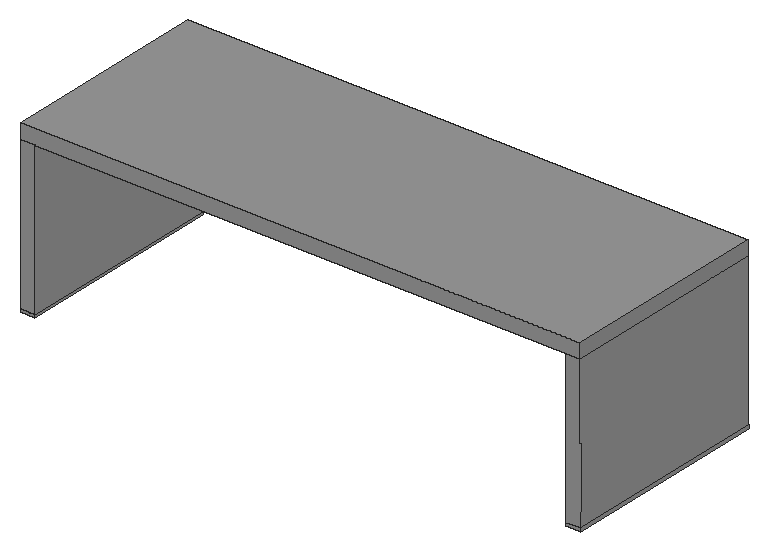
Revit family "Cocoon Community Table 36x96x29", category Generic Models, Revit 2018
Family settings
  Can host rebar = No
  Round Connector Dimension = Use Diameter
  Part Type = Normal
  Work Plane-Based = No
  Always vertical = Yes
  Cut with Voids When Loaded = No
  Shared = No
  Room Calculation Point = No
Parameters
  Frame = Cocoon Community Table 36x96x29 Frame
  Surface = Cocoon Community Table 36x96x29 Surface
Reference planes (in)
  plane 1 "Center (Front/Back)": y = 0
  plane 2: z = 0
  plane 3 "Center (Left/Right)": x = 0
Forms (in)
  Extrusion 1, solid, material "Cocoon Community Table 36x96x29 Frame" <- "Frame"
    sketch origin (0, 0, 0) x (1, 0, 0) y (0, 0, 1)
      loop
        line (-48, 0.5) -> (-48, 0) -> (-45.5, 0) -> (-45.5, 0.5) -> (-48, 0.5)
      loop
        line (48, 0.5) -> (45.5, 0.5) -> (45.5, 0) -> (48, 0) -> (48, 0.5)
    from -18 to 18
  Extrusion 2, solid, material "Cocoon Community Table 36x96x29 Surface" <- "Surface"
    sketch origin (0, 0, 0) x (1, 0, 0) y (0, 0, 1)
      loop
        line (-48, 29) -> (-48, 26.5) -> (48, 26.5) -> (48, 29) -> (-48, 29)
    from -18 to 18
  Extrusion 3, solid, material "Cocoon Community Table 36x96x29 Frame" <- "Frame"
    sketch origin (0, 0, 0) x (1, 0, 0) y (0, 0, 1)
      loop
        line (-48, 26.5) -> (-48, 0.5) -> (-45.5, 0.5) -> (-45.5, 26.5) -> (-48, 26.5)
      loop
        line (45.5, 26.5) -> (45.5, 0.5) -> (48, 0.5) -> (48, 26.5) -> (45.5, 26.5)
    from -18 to 18
  Extrusion 4, solid, material "Cocoon Community Table 36x96x29 Frame" <- "Frame"
    sketch origin (0, 0, -13) x (0, 1, 0) y (0, 0, 1)
      loop
        line (1.25, 39.5) -> (-1.25, 39.5) -> (-1.25, 27.5) -> (1.25, 27.5) -> (1.25, 39.5)
    from -45.5 to 45.5
Dimensions and locks (in)
  aligned and locked: level to plane 2
